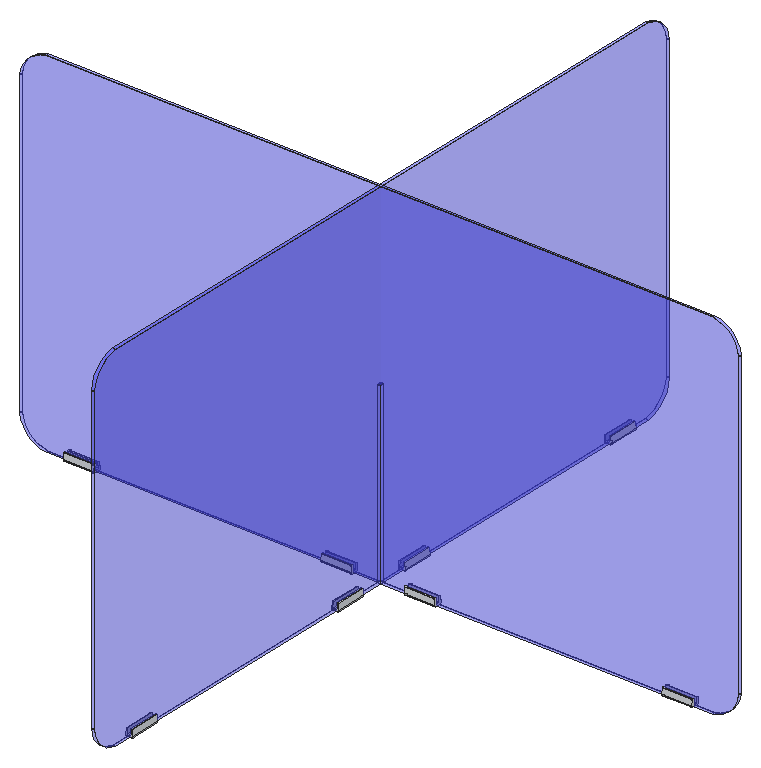
Revit family "QF_Vollrath_TD48-4", category Specialty Equipment, Revit 2018
Family settings
  Round Connector Dimension = Use Diameter
  Part Type = Normal
  Work Plane-Based = No
  Always vertical = Yes
  Cut with Voids When Loaded = Yes
  Shared = No
  Room Calculation Point = No
Parameters
  Weight in Pounds = 0
  Undercounter Visibility [instance] = no
  TM Utilties = "0"
  Serial Number [instance] = ""
  Model = "TD48-4"
  Manufacturer = "Vollrath"
  Keynote = ""
  Item Number [instance] = ""
  Installed By = "KEC"
  Include In Foodservice Schedule = yes
  Furnished By = "KEC"
  Description = "48\" Tabletop Shield"
  Cost = 0
  CSI MasterFormat = ""
  Above Counter Visibity [instance] = no
Reference planes (in)
  plane 1 "Unit_Center (F/B)": y = 0
  plane 2: z = 0
  plane 3 "Unit_Center (L/R)": x = 0
  plane 4 "Rear": y = 0.22
  plane 5 "Right": x = 23.75
  plane 6 "Left": x = -23.75
  plane 7 "Top": z = 23.5
  plane 8 "Top of slit": z = 11.75
  plane 9 "Outside R Clip": x = 20.75
  plane 10 "Outside Right Clip": x = 18.75
  plane 11 "Inside R Clip": x = 3.75
  plane 12 "Inside Right Clip": x = 1.75
  plane 13 "Top of Edging": z = 0.5
Forms (in)
  Extrusion 1, solid, material "QF_Acrylic-Clear"
    sketch origin (0, 0, 0) x (1, 0, 0) y (0, 0, 1)
      loop
        line (-23.75, 21.75) -> (-23.75, 1.75)
        arc (-23.75, 1.75) -> (-23.17819, 0.57181) -> (-22, 0) r 2
        line (-22, 0) -> (-0.115, 0) -> (-0.115, 11.75) -> (0.115, 11.75) -> (0.115, 0) -> (22, 0)
        arc (22, 0) -> (23.17819, 0.57181) -> (23.75, 1.75) r 2
        line (23.75, 1.75) -> (23.75, 21.75)
        arc (23.75, 21.75) -> (23.17819, 22.92819) -> (22, 23.5) r 2
        line (22, 23.5) -> (-22, 23.5)
        arc (-22, 23.5) -> (-23.17819, 22.92819) -> (-23.75, 21.75) r 2
    from -0.22 to 0
  Extrusion 2, solid
    sketch origin (0, 0, 0) x (0, 1, 0) y (0, 0, 1)
      loop
        arc (0.25082, 0.14769) -> (0.24384, 0.11317) -> (0.22, 0.08736) r 0.06407
        line (0.22, 0.08736) -> (0, 0.08736)
        arc (0, 0.08736) -> (-0.02384, 0.11317) -> (-0.03082, 0.14769) r 0.06407
        line (-0.03082, 0.14769) -> (0, 0.5) -> (-0.05099, 0.5)
        arc (-0.05099, 0.5) -> (-0.07387, 0.49216) -> (-0.08714, 0.47194) r 0.03732
        line (-0.08714, 0.47194) -> (-0.12102, 0.0847)
        arc (-0.12102, 0.0847) -> (-0.0951, 0.03561) -> (-0.05098, 0.0019) r 0.12934
        line (-0.05098, 0.0019) -> (0.27348, 0.0019)
        arc (0.27348, 0.0019) -> (0.31793, 0.036) -> (0.34379, 0.0857) r 0.12934
        line (0.34379, 0.0857) -> (0.31024, 0.46916)
        arc (0.31024, 0.46916) -> (0.29748, 0.49127) -> (0.27349, 0.5) r 0.03732
        line (0.27349, 0.5) -> (0.22, 0.5) -> (0.25082, 0.14769)
    from 1.75 to 3.75
  Extrusion 3, solid
    sketch origin (17, 0, 0) x (0, 1, 0) y (0, 0, 1)
      loop
        arc (0.25082, 0.14769) -> (0.24384, 0.11317) -> (0.22, 0.08736) r 0.06407
        line (0.22, 0.08736) -> (0, 0.08736)
        arc (0, 0.08736) -> (-0.02384, 0.11317) -> (-0.03082, 0.14769) r 0.06407
        line (-0.03082, 0.14769) -> (0, 0.5) -> (-0.05099, 0.5)
        arc (-0.05099, 0.5) -> (-0.07387, 0.49216) -> (-0.08714, 0.47194) r 0.03732
        line (-0.08714, 0.47194) -> (-0.12102, 0.0847)
        arc (-0.12102, 0.0847) -> (-0.0951, 0.03561) -> (-0.05098, 0.0019) r 0.12934
        line (-0.05098, 0.0019) -> (0.27348, 0.0019)
        arc (0.27348, 0.0019) -> (0.31793, 0.036) -> (0.34379, 0.0857) r 0.12934
        line (0.34379, 0.0857) -> (0.31024, 0.46916)
        arc (0.31024, 0.46916) -> (0.29748, 0.49127) -> (0.27349, 0.5) r 0.03732
        line (0.27349, 0.5) -> (0.22, 0.5) -> (0.25082, 0.14769)
    from 1.75 to 3.75
  Extrusion 4, solid
    sketch origin (0, 0, 0) x (0, 1, 0) y (0, 0, -1)
      loop
        line (0.25082, -0.14769) -> (0.22, -0.5) -> (0.27349, -0.5)
        arc (0.27349, -0.5) -> (0.29748, -0.49127) -> (0.31024, -0.46916) r 0.03732
        line (0.31024, -0.46916) -> (0.34379, -0.0857)
        arc (0.34379, -0.0857) -> (0.31793, -0.036) -> (0.27348, -0.0019) r 0.12934
        line (0.27348, -0.0019) -> (-0.05098, -0.0019)
        arc (-0.05098, -0.0019) -> (-0.0951, -0.03561) -> (-0.12102, -0.0847) r 0.12934
        line (-0.12102, -0.0847) -> (-0.08714, -0.47194)
        arc (-0.08714, -0.47194) -> (-0.07387, -0.49216) -> (-0.05099, -0.5) r 0.03732
        line (-0.05099, -0.5) -> (0, -0.5) -> (-0.03082, -0.14769)
        arc (-0.03082, -0.14769) -> (-0.02384, -0.11317) -> (0, -0.08736) r 0.06407
        line (0, -0.08736) -> (0.22, -0.08736)
        arc (0.22, -0.08736) -> (0.24384, -0.11317) -> (0.25082, -0.14769) r 0.06407
    from 1.75 to 3.75
  Extrusion 5, solid
    sketch origin (-17, 0, 0) x (0, 1, 0) y (0, 0, -1)
      loop
        line (0.25082, -0.14769) -> (0.22, -0.5) -> (0.27349, -0.5)
        arc (0.27349, -0.5) -> (0.29748, -0.49127) -> (0.31024, -0.46916) r 0.03732
        line (0.31024, -0.46916) -> (0.34379, -0.0857)
        arc (0.34379, -0.0857) -> (0.31793, -0.036) -> (0.27348, -0.0019) r 0.12934
        line (0.27348, -0.0019) -> (-0.05098, -0.0019)
        arc (-0.05098, -0.0019) -> (-0.0951, -0.03561) -> (-0.12102, -0.0847) r 0.12934
        line (-0.12102, -0.0847) -> (-0.08714, -0.47194)
        arc (-0.08714, -0.47194) -> (-0.07387, -0.49216) -> (-0.05099, -0.5) r 0.03732
        line (-0.05099, -0.5) -> (0, -0.5) -> (-0.03082, -0.14769)
        arc (-0.03082, -0.14769) -> (-0.02384, -0.11317) -> (0, -0.08736) r 0.06407
        line (0, -0.08736) -> (0.22, -0.08736)
        arc (0.22, -0.08736) -> (0.24384, -0.11317) -> (0.25082, -0.14769) r 0.06407
    from 1.75 to 3.75
  Extrusion 6, solid, material "QF_PVC-Grey"
    sketch origin (0, 0, 0) x (0, 1, 0) y (0, 0, 1)
      loop
        arc (0.25082, 0.14769) -> (0.24384, 0.11317) -> (0.22, 0.08736) r 0.06407
        line (0.22, 0.08736) -> (0, 0.08736)
        arc (0, 0.08736) -> (-0.02384, 0.11317) -> (-0.03082, 0.14769) r 0.06407
        line (-0.03082, 0.14769) -> (0, 0.5) -> (-0.05099, 0.5)
        arc (-0.05099, 0.5) -> (-0.07387, 0.49216) -> (-0.08714, 0.47194) r 0.03732
        line (-0.08714, 0.47194) -> (-0.12102, 0.0847)
        arc (-0.12102, 0.0847) -> (-0.0951, 0.03561) -> (-0.05098, 0.0019) r 0.12934
        line (-0.05098, 0.0019) -> (0.27348, 0.0019)
        arc (0.27348, 0.0019) -> (0.31793, 0.036) -> (0.34379, 0.0857) r 0.12934
        line (0.34379, 0.0857) -> (0.31024, 0.46916)
        arc (0.31024, 0.46916) -> (0.29748, 0.49127) -> (0.27349, 0.5) r 0.03732
        line (0.27349, 0.5) -> (0.22, 0.5) -> (0.25082, 0.14769)
    from 1.75 to 3.75
  Extrusion 7, solid, material "QF_PVC-Grey"
    sketch origin (17, 0, 0) x (0, 1, 0) y (0, 0, 1)
      loop
        arc (0.25082, 0.14769) -> (0.24384, 0.11317) -> (0.22, 0.08736) r 0.06407
        line (0.22, 0.08736) -> (0, 0.08736)
        arc (0, 0.08736) -> (-0.02384, 0.11317) -> (-0.03082, 0.14769) r 0.06407
        line (-0.03082, 0.14769) -> (0, 0.5) -> (-0.05099, 0.5)
        arc (-0.05099, 0.5) -> (-0.07387, 0.49216) -> (-0.08714, 0.47194) r 0.03732
        line (-0.08714, 0.47194) -> (-0.12102, 0.0847)
        arc (-0.12102, 0.0847) -> (-0.0951, 0.03561) -> (-0.05098, 0.0019) r 0.12934
        line (-0.05098, 0.0019) -> (0.27348, 0.0019)
        arc (0.27348, 0.0019) -> (0.31793, 0.036) -> (0.34379, 0.0857) r 0.12934
        line (0.34379, 0.0857) -> (0.31024, 0.46916)
        arc (0.31024, 0.46916) -> (0.29748, 0.49127) -> (0.27349, 0.5) r 0.03732
        line (0.27349, 0.5) -> (0.22, 0.5) -> (0.25082, 0.14769)
    from 1.75 to 3.75
  Extrusion 8, solid, material "QF_PVC-Grey"
    sketch origin (0, 0, 0) x (0, 1, 0) y (0, 0, -1)
      loop
        line (0.25082, -0.14769) -> (0.22, -0.5) -> (0.27349, -0.5)
        arc (0.27349, -0.5) -> (0.29748, -0.49127) -> (0.31024, -0.46916) r 0.03732
        line (0.31024, -0.46916) -> (0.34379, -0.0857)
        arc (0.34379, -0.0857) -> (0.31793, -0.036) -> (0.27348, -0.0019) r 0.12934
        line (0.27348, -0.0019) -> (-0.05098, -0.0019)
        arc (-0.05098, -0.0019) -> (-0.0951, -0.03561) -> (-0.12102, -0.0847) r 0.12934
        line (-0.12102, -0.0847) -> (-0.08714, -0.47194)
        arc (-0.08714, -0.47194) -> (-0.07387, -0.49216) -> (-0.05099, -0.5) r 0.03732
        line (-0.05099, -0.5) -> (0, -0.5) -> (-0.03082, -0.14769)
        arc (-0.03082, -0.14769) -> (-0.02384, -0.11317) -> (0, -0.08736) r 0.06407
        line (0, -0.08736) -> (0.22, -0.08736)
        arc (0.22, -0.08736) -> (0.24384, -0.11317) -> (0.25082, -0.14769) r 0.06407
    from 1.75 to 3.75
  Extrusion 9, solid, material "QF_PVC-Grey"
    sketch origin (-17, 0, 0) x (0, 1, 0) y (0, 0, -1)
      loop
        line (0.25082, -0.14769) -> (0.22, -0.5) -> (0.27349, -0.5)
        arc (0.27349, -0.5) -> (0.29748, -0.49127) -> (0.31024, -0.46916) r 0.03732
        line (0.31024, -0.46916) -> (0.34379, -0.0857)
        arc (0.34379, -0.0857) -> (0.31793, -0.036) -> (0.27348, -0.0019) r 0.12934
        line (0.27348, -0.0019) -> (-0.05098, -0.0019)
        arc (-0.05098, -0.0019) -> (-0.0951, -0.03561) -> (-0.12102, -0.0847) r 0.12934
        line (-0.12102, -0.0847) -> (-0.08714, -0.47194)
        arc (-0.08714, -0.47194) -> (-0.07387, -0.49216) -> (-0.05099, -0.5) r 0.03732
        line (-0.05099, -0.5) -> (0, -0.5) -> (-0.03082, -0.14769)
        arc (-0.03082, -0.14769) -> (-0.02384, -0.11317) -> (0, -0.08736) r 0.06407
        line (0, -0.08736) -> (0.22, -0.08736)
        arc (0.22, -0.08736) -> (0.24384, -0.11317) -> (0.25082, -0.14769) r 0.06407
    from 1.75 to 3.75
  Extrusion 10, solid, material "QF_Acrylic-Clear"
    sketch origin (0.10988, 0.11138, 0) x (0, 1, 0) y (0, 0, 1)
      loop
        line (-23.75, 21.75) -> (-23.75, 1.75)
        arc (-23.75, 1.75) -> (-23.17819, 0.57181) -> (-22, 0) r 2
        line (-22, 0) -> (-0.115, 0) -> (-0.115, 11.75) -> (0.115, 11.75) -> (0.115, 0) -> (22, 0)
        arc (22, 0) -> (23.17819, 0.57181) -> (23.75, 1.75) r 2
        line (23.75, 1.75) -> (23.75, 21.75)
        arc (23.75, 21.75) -> (23.17819, 22.92819) -> (22, 23.5) r 2
        line (22, 23.5) -> (-22, 23.5)
        arc (-22, 23.5) -> (-23.17819, 22.92819) -> (-23.75, 21.75) r 2
    from -0.22 to 0
  Extrusion 11, solid
    sketch origin (0.10988, 0.11138, 0) x (-1, 0, 0) y (0, 0, 1)
      loop
        arc (0.25082, 0.14769) -> (0.24384, 0.11317) -> (0.22, 0.08736) r 0.06407
        line (0.22, 0.08736) -> (0, 0.08736)
        arc (0, 0.08736) -> (-0.02384, 0.11317) -> (-0.03082, 0.14769) r 0.06407
        line (-0.03082, 0.14769) -> (0, 0.5) -> (-0.05099, 0.5)
        arc (-0.05099, 0.5) -> (-0.07387, 0.49216) -> (-0.08714, 0.47194) r 0.03732
        line (-0.08714, 0.47194) -> (-0.12102, 0.0847)
        arc (-0.12102, 0.0847) -> (-0.0951, 0.03561) -> (-0.05098, 0.0019) r 0.12934
        line (-0.05098, 0.0019) -> (0.27348, 0.0019)
        arc (0.27348, 0.0019) -> (0.31793, 0.036) -> (0.34379, 0.0857) r 0.12934
        line (0.34379, 0.0857) -> (0.31024, 0.46916)
        arc (0.31024, 0.46916) -> (0.29748, 0.49127) -> (0.27349, 0.5) r 0.03732
        line (0.27349, 0.5) -> (0.22, 0.5) -> (0.25082, 0.14769)
    from 1.75 to 3.75
  Extrusion 12, solid
    sketch origin (0.10988, 17.11138, 0) x (-1, 0, 0) y (0, 0, 1)
      loop
        arc (0.25082, 0.14769) -> (0.24384, 0.11317) -> (0.22, 0.08736) r 0.06407
        line (0.22, 0.08736) -> (0, 0.08736)
        arc (0, 0.08736) -> (-0.02384, 0.11317) -> (-0.03082, 0.14769) r 0.06407
        line (-0.03082, 0.14769) -> (0, 0.5) -> (-0.05099, 0.5)
        arc (-0.05099, 0.5) -> (-0.07387, 0.49216) -> (-0.08714, 0.47194) r 0.03732
        line (-0.08714, 0.47194) -> (-0.12102, 0.0847)
        arc (-0.12102, 0.0847) -> (-0.0951, 0.03561) -> (-0.05098, 0.0019) r 0.12934
        line (-0.05098, 0.0019) -> (0.27348, 0.0019)
        arc (0.27348, 0.0019) -> (0.31793, 0.036) -> (0.34379, 0.0857) r 0.12934
        line (0.34379, 0.0857) -> (0.31024, 0.46916)
        arc (0.31024, 0.46916) -> (0.29748, 0.49127) -> (0.27349, 0.5) r 0.03732
        line (0.27349, 0.5) -> (0.22, 0.5) -> (0.25082, 0.14769)
    from 1.75 to 3.75
  Extrusion 13, solid
    sketch origin (0.10988, 0.11138, 0) x (-1, 0, 0) y (0, 0, -1)
      loop
        line (0.25082, -0.14769) -> (0.22, -0.5) -> (0.27349, -0.5)
        arc (0.27349, -0.5) -> (0.29748, -0.49127) -> (0.31024, -0.46916) r 0.03732
        line (0.31024, -0.46916) -> (0.34379, -0.0857)
        arc (0.34379, -0.0857) -> (0.31793, -0.036) -> (0.27348, -0.0019) r 0.12934
        line (0.27348, -0.0019) -> (-0.05098, -0.0019)
        arc (-0.05098, -0.0019) -> (-0.0951, -0.03561) -> (-0.12102, -0.0847) r 0.12934
        line (-0.12102, -0.0847) -> (-0.08714, -0.47194)
        arc (-0.08714, -0.47194) -> (-0.07387, -0.49216) -> (-0.05099, -0.5) r 0.03732
        line (-0.05099, -0.5) -> (0, -0.5) -> (-0.03082, -0.14769)
        arc (-0.03082, -0.14769) -> (-0.02384, -0.11317) -> (0, -0.08736) r 0.06407
        line (0, -0.08736) -> (0.22, -0.08736)
        arc (0.22, -0.08736) -> (0.24384, -0.11317) -> (0.25082, -0.14769) r 0.06407
    from 1.75 to 3.75
  Extrusion 14, solid
    sketch origin (0.10988, -16.88862, 0) x (-1, 0, 0) y (0, 0, -1)
      loop
        line (0.25082, -0.14769) -> (0.22, -0.5) -> (0.27349, -0.5)
        arc (0.27349, -0.5) -> (0.29748, -0.49127) -> (0.31024, -0.46916) r 0.03732
        line (0.31024, -0.46916) -> (0.34379, -0.0857)
        arc (0.34379, -0.0857) -> (0.31793, -0.036) -> (0.27348, -0.0019) r 0.12934
        line (0.27348, -0.0019) -> (-0.05098, -0.0019)
        arc (-0.05098, -0.0019) -> (-0.0951, -0.03561) -> (-0.12102, -0.0847) r 0.12934
        line (-0.12102, -0.0847) -> (-0.08714, -0.47194)
        arc (-0.08714, -0.47194) -> (-0.07387, -0.49216) -> (-0.05099, -0.5) r 0.03732
        line (-0.05099, -0.5) -> (0, -0.5) -> (-0.03082, -0.14769)
        arc (-0.03082, -0.14769) -> (-0.02384, -0.11317) -> (0, -0.08736) r 0.06407
        line (0, -0.08736) -> (0.22, -0.08736)
        arc (0.22, -0.08736) -> (0.24384, -0.11317) -> (0.25082, -0.14769) r 0.06407
    from 1.75 to 3.75
  Extrusion 15, solid, material "QF_PVC-Grey"
    sketch origin (0.10988, 0.11138, 0) x (-1, 0, 0) y (0, 0, 1)
      loop
        arc (0.25082, 0.14769) -> (0.24384, 0.11317) -> (0.22, 0.08736) r 0.06407
        line (0.22, 0.08736) -> (0, 0.08736)
        arc (0, 0.08736) -> (-0.02384, 0.11317) -> (-0.03082, 0.14769) r 0.06407
        line (-0.03082, 0.14769) -> (0, 0.5) -> (-0.05099, 0.5)
        arc (-0.05099, 0.5) -> (-0.07387, 0.49216) -> (-0.08714, 0.47194) r 0.03732
        line (-0.08714, 0.47194) -> (-0.12102, 0.0847)
        arc (-0.12102, 0.0847) -> (-0.0951, 0.03561) -> (-0.05098, 0.0019) r 0.12934
        line (-0.05098, 0.0019) -> (0.27348, 0.0019)
        arc (0.27348, 0.0019) -> (0.31793, 0.036) -> (0.34379, 0.0857) r 0.12934
        line (0.34379, 0.0857) -> (0.31024, 0.46916)
        arc (0.31024, 0.46916) -> (0.29748, 0.49127) -> (0.27349, 0.5) r 0.03732
        line (0.27349, 0.5) -> (0.22, 0.5) -> (0.25082, 0.14769)
    from 1.75 to 3.75
  Extrusion 16, solid, material "QF_PVC-Grey"
    sketch origin (0.10988, 17.11138, 0) x (-1, 0, 0) y (0, 0, 1)
      loop
        arc (0.25082, 0.14769) -> (0.24384, 0.11317) -> (0.22, 0.08736) r 0.06407
        line (0.22, 0.08736) -> (0, 0.08736)
        arc (0, 0.08736) -> (-0.02384, 0.11317) -> (-0.03082, 0.14769) r 0.06407
        line (-0.03082, 0.14769) -> (0, 0.5) -> (-0.05099, 0.5)
        arc (-0.05099, 0.5) -> (-0.07387, 0.49216) -> (-0.08714, 0.47194) r 0.03732
        line (-0.08714, 0.47194) -> (-0.12102, 0.0847)
        arc (-0.12102, 0.0847) -> (-0.0951, 0.03561) -> (-0.05098, 0.0019) r 0.12934
        line (-0.05098, 0.0019) -> (0.27348, 0.0019)
        arc (0.27348, 0.0019) -> (0.31793, 0.036) -> (0.34379, 0.0857) r 0.12934
        line (0.34379, 0.0857) -> (0.31024, 0.46916)
        arc (0.31024, 0.46916) -> (0.29748, 0.49127) -> (0.27349, 0.5) r 0.03732
        line (0.27349, 0.5) -> (0.22, 0.5) -> (0.25082, 0.14769)
    from 1.75 to 3.75
  Extrusion 17, solid, material "QF_PVC-Grey"
    sketch origin (0.10988, 0.11138, 0) x (-1, 0, 0) y (0, 0, -1)
      loop
        line (0.25082, -0.14769) -> (0.22, -0.5) -> (0.27349, -0.5)
        arc (0.27349, -0.5) -> (0.29748, -0.49127) -> (0.31024, -0.46916) r 0.03732
        line (0.31024, -0.46916) -> (0.34379, -0.0857)
        arc (0.34379, -0.0857) -> (0.31793, -0.036) -> (0.27348, -0.0019) r 0.12934
        line (0.27348, -0.0019) -> (-0.05098, -0.0019)
        arc (-0.05098, -0.0019) -> (-0.0951, -0.03561) -> (-0.12102, -0.0847) r 0.12934
        line (-0.12102, -0.0847) -> (-0.08714, -0.47194)
        arc (-0.08714, -0.47194) -> (-0.07387, -0.49216) -> (-0.05099, -0.5) r 0.03732
        line (-0.05099, -0.5) -> (0, -0.5) -> (-0.03082, -0.14769)
        arc (-0.03082, -0.14769) -> (-0.02384, -0.11317) -> (0, -0.08736) r 0.06407
        line (0, -0.08736) -> (0.22, -0.08736)
        arc (0.22, -0.08736) -> (0.24384, -0.11317) -> (0.25082, -0.14769) r 0.06407
    from 1.75 to 3.75
  Extrusion 18, solid, material "QF_PVC-Grey"
    sketch origin (0.10988, -16.88862, 0) x (-1, 0, 0) y (0, 0, -1)
      loop
        line (0.25082, -0.14769) -> (0.22, -0.5) -> (0.27349, -0.5)
        arc (0.27349, -0.5) -> (0.29748, -0.49127) -> (0.31024, -0.46916) r 0.03732
        line (0.31024, -0.46916) -> (0.34379, -0.0857)
        arc (0.34379, -0.0857) -> (0.31793, -0.036) -> (0.27348, -0.0019) r 0.12934
        line (0.27348, -0.0019) -> (-0.05098, -0.0019)
        arc (-0.05098, -0.0019) -> (-0.0951, -0.03561) -> (-0.12102, -0.0847) r 0.12934
        line (-0.12102, -0.0847) -> (-0.08714, -0.47194)
        arc (-0.08714, -0.47194) -> (-0.07387, -0.49216) -> (-0.05099, -0.5) r 0.03732
        line (-0.05099, -0.5) -> (0, -0.5) -> (-0.03082, -0.14769)
        arc (-0.03082, -0.14769) -> (-0.02384, -0.11317) -> (0, -0.08736) r 0.06407
        line (0, -0.08736) -> (0.22, -0.08736)
        arc (0.22, -0.08736) -> (0.24384, -0.11317) -> (0.25082, -0.14769) r 0.06407
    from 1.75 to 3.75
Lines and regions (in)
  symbolic lines, style "SpecialityEquipment"
    curve 1: line (-23.75, 0, 0) -> (23.75, 0, 0)
    curve 2: line (23.75, 0.22, 0) -> (-23.75, 0.22, 0)
    curve 3: line (-23.75, 0.22, 0) -> (-23.75, 0, 0)
    curve 4: line (-0.11012, 23.86138, 0) -> (-0.11012, -23.63862, 0)
    curve 5: line (0.10988, -23.63862, 0) -> (0.10988, 23.86138, 0)
    curve 6: line (-0.11012, -23.63862, 0) -> (0.10988, -23.63862, 0)
    curve 7: line (23.75, 0, 0) -> (23.75, 0.22, 0)
    curve 8: line (0.10988, 23.86138, 0) -> (-0.11012, 23.86138, 0)
Dimensions and locks (in)
  aligned and locked: plane 2 to level
  aligned and locked: plane 4 "Rear" to Extrusion 1
  aligned and locked: plane 1 "Unit_Center (F/B)" to Extrusion 1
  aligned and locked: Extrusion 2 to plane 12 "Inside Right Clip"
  aligned and locked: plane 11 "Inside R Clip" to Extrusion 2
  aligned and locked: plane 9 "Outside R Clip" to Extrusion 3
  aligned and locked: Extrusion 3 to plane 10 "Outside Right Clip"
  aligned and locked: Extrusion 2 to plane 11 "Inside R Clip"
  aligned and locked: plane 12 "Inside Right Clip" to Extrusion 2
